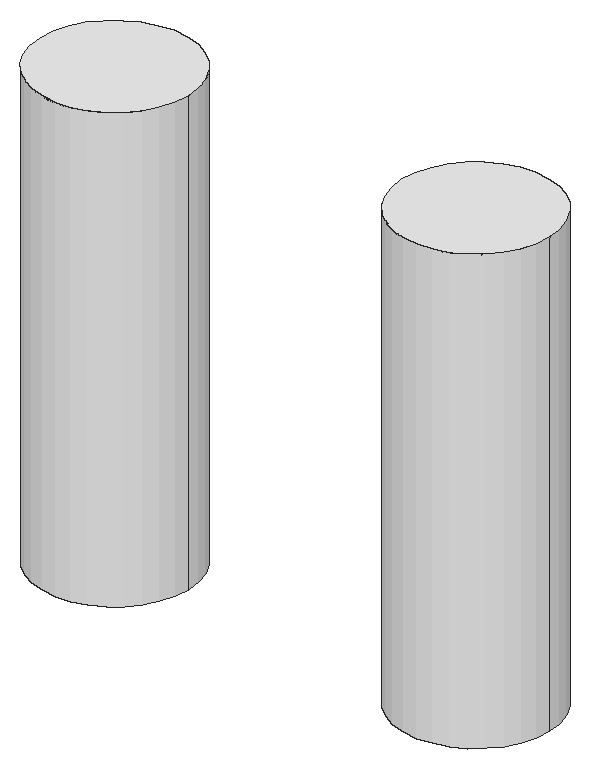
Revit family "05682129", category Plumbing Fixtures, Revit 2020
Family settings
  Round Connector Dimension = Use Diameter
  Part Type = Normal
  OmniClass Number = 23.45.55.00
  OmniClass Title = Sanitary Faucets, Wastes
  Work Plane-Based = No
  Always vertical = Yes
  Cut with Voids When Loaded = No
  Shared = No
  Room Calculation Point = No
Parameters (values of type "05682129 High washbasin faucet, 230/9 V, Bluetooth ")
  Working Pressure = "100 - 1000 kPa"
  WarrantyStartDate [instance] = "n/a"
  WarrantyGuarantorParts = "n/a"
  WarrantyGuarantorLabor = "n/a"
  WarrantyDurationUnit = "Year"
  WarrantyDurationParts = "n/a"
  WarrantyDurationLabor = "n/a"
  WarrantyDescription = "http://warranty.hansa.com"
  Warranty Information URL = "http://warranty.hansa.com"
  VersionDate = "01/06/2023"
  Version = "1"
  ValvePattern = "n/a"
  ValveOperation = "n/a"
  ValveMechanism = "n/a"
  Uniclass2015Reference = "Pr_40_20_87_96"
  Uniclass2015Description = "Washbasin manual water supply sets"
  Uniclass2 = "Pr_40_30_96_96"
  URL WEEE = "http://static.hansa.com/WEEE/05682129"
  URL REACH = "http://static.hansa.com/doc/reach"
  URL EcoLabel Declaration = "http://static.hansa.com/doc/EcoLabel"
  URL EU Packaging Declaration = "http://static.hansa.com/doc/packaging"
  URL Declaration of SCIP = "http://static.hansa.com/doc/SCIP"
  URL Declaration of Conformity = "http://static.hansa.com/DoC/05682129"
  URL Declaration of Asbestos = "http://static.hansa.com/doc/asbestos"
  URL Declaration Of Performance (DOP) = "http://static.hansa.com/doc/DoP"
  URL ABP = "http://static.hansa.com/ABP/05682129"
  URL = ""
  UNSPSC Class Number = "30181700 Faucets or taps"
  TestPressure = "n/a"
  Temperature Adjustments = "Adjustable hot water stop (included, retrofittable)"
  Temperature = "Temperature limiter (retrofittable)"
  Technical DataSheet URL = "http://www.hansa.com/datasheet/05682129/en"
  TagNumber [instance] = "n/a"
  SustainabilityPerformance = "n/a"
  Surface treatment = "Chrome"
  Spout Type = "Fixed spout;Casted construction"
  Spout Projection = "136 mm"
  Spare-Part Information URL = "http://static.hansa.com/sp/05682129"
  Size = "69x166.5x174 mm"
  Shape = "Sculptured"
  SerialNumber [instance] = "n/a"
  Sales Package dimensions (LxWxH) = "290 x 210 x 90"
  Revision = "n/a"
  ReplacementCost = "n/a"
  Protection Class = "IP 55 / transformer IP 20"
  ProductInformation = "n/a"
  Product URL = "http://static.hansa.com/05682129"
  Product Image URL = "http://static.hansa.com/image/05682129"
  Product Family = "HANSAMEDIPRO XL"
  Product Code = "05682129"
  OperatingMechanismMaterial = "n/a"
  Operating Voltage = 912 V
  Operating Distance = "20-130 mm (110/130/160 mm)"
  NominalWidth = 69 mm
  NominalHeight = 174 mm
  NominalDepth = 166.5 mm
  Noise Class = "I (ISO 3822)"
  Name_en = "05682129 High washbasin faucet, 230/9 V, Bluetooth"
  Name = "05682129 High washbasin faucet, 230/9 V, Bluetooth"
  NBSReference = "45-35-70/371"
  NBSDescription = "Water supply fittings for wash basins and troughs"
  Mounting Holes = "1 hole"
  ModelReference = "05682129"
  ModelNumber = "n/a"
  Model = "05682129 High washbasin faucet, 230/9 V, Bluetooth"
  Mobile Product Information URL = "http://mpi.hansa.com/05682129"
  Mechanical Parts = "Litter filter(s);Mixing valve for manual temperature control;Non-return valve(s)"
  Max. Hot Water Supply = 70 °C
  Max Flow Period = "2 min (1 - 1800 s)"
  Material = "Brass"
  Market = "Austria;Belgium;Czech Republic;Germany;Spain;France;International;Italy;Netherlands;Slovakia"
  ManufacturerURL = "http://www.hansa.com"
  ManufacturerName = "HANSA"
  Manufacturer = "HANSA"
  Lever Handle = "Temperature control handle"
  Interactive AR View URL = "https://static.hansa.com/AR/05682129"
  InstallationDate [instance] = "n/a"
  Installation and Maintenance Guide URL = "http://static.hansa.com/manual/05682129"
  Installation Type = "Deck mounted"
  InletConnectionSize = 10 mm
  IfcExportType = "FAUCET"  # constant formula
  IfcExportAs = "IfcValveType"  # constant formula
  Group = "Washbasin faucet"
  Grade = "n/a"
  FlowCoefficient = 0
  Flow Rate At 300kPa With Flow Controller = 0.1 L/s
  Flow Rate At 300kPa (with flow controller) = 0.1 L/s
  Flow Drawing URL = "http://static.hansa.com/flowchart/05682129"
  Finish = "Polished"
  Features = "Touchless;Plug transformer;Bluetooth®"
  FaucetMainMaterial = Brass
  FDV Document URL = "http://www.hansa.com/datasheet/05682129/en/fdv"
  ExpectedLife = "n/a"
  Excluded Items = "Without pop-up waste;Without draw-rod opening"
  Electronic Parts = "Autofocus infrared sensor;Solenoid valve;Power supply"
  Electrical Connection = "230 / 9 V"
  ETIM Class Number = "EC010340 Electronic tap"
  EN Standard = "EN 15091,\nETSI EN 301 489-1 V1.9.2 , \nETSI EN 300 328 v2.2.2 , \nEN 61000-6-1:2007 , \nEN 61000-6-3:2007+A1:2011+AC:2012 , \nEN 60335-1:2012+A11+A13+A1+A14+A2+A15:2021, Part 19.11.4"
  EMC Directive = "Radio Equipment Directive 2014/53/EU , \nLow Voltage Directive 2014/35/EU , \nEMC Directive 2014/30/EU , \nRoHS Directive 2011/65/EU"
  EAN Number = "4057304005015"
  DurationUnit = "Year"
  Dimension Drawing URL = "http://static.hansa.com/dimdrw/05682129"
  Description = ""
  DefaultElevation [instance] = 900 mm
  Default Elevation = 0 mm
  Constituents = "n/a"
  Connection Size = "G3/8"
  Connection = "Flexible inlet pipes;Special coating for hygienic premises"
  Color = "Chrome"
  CodePerformance = "n/a"
  CloseOffRating = 0
  Catalog Drawing URL = "http://static.hansa.com/catdrw/05682129"
  Brand = "HANSA"
  BodyMaterial = "Brass"
  Bluetooth = "4.x (D034445)"
  Barcode [instance] = "n/a"
  Backflow Prevention EN1717 = "AA"
  BIMObjectName = "05682129"
  Automatic Flush Period = "30 s (1-1800 s)"
  Automatic Flush Frequency = "off (off/1-120 h)"
  Author = "BIMStone"
  AssetType = "Fixed"
  AssetIdentifier [instance] = "n/a"
  Approval ABP = "P-IX 29469/IO"
  Afterflow Period = "3 s (1-20 s)"
  Aerator = "Laminar stream"
  Advanced Features = "Inner body made of DZR brass;Surfaces in contact with drinking water contain less than 0.3% lead;Waterways without nickel coating;;Software settings adjustable via App"
  AccessibilityPerformance = "n/a"
  3D View = "https://static.hansa.com/AR/05682129"
  2D/3D/BIM Files URL = "http://static.hansa.com/bim/05682129"
Reference planes
  plane 1 "Center (Front/Back)": y = 0
  plane 2: z = 0
  plane 3 "Center (Left/Right)": x = 0
  plane 4: x = -27.5
  plane 5: x = 27.5
  plane 6: y = -166.5
  plane 7: z = 1074
  plane 8: z = 900
  plane 9: x = 41.5
  plane 10: z = 870
Forms (mm)
  Extrusion 1, solid, material "Brass" <- "FaucetMainMaterial", detail levels medium
    sketch origin (0, 0, 0) x (0, 1, 0) y (0, 0, 1)
      loop
        line (0, 900) -> (-14.379, 1050.418) -> (-148.119, 1074) -> (-161.474, 1074) -> (-166.5, 1045.495) -> (-86.606, 1031.408)
        arc (-86.606, 1031.408) -> (-67.874, 1021.993) -> (-59.728, 1002.675) r 30.321
        line (-59.728, 1002.675) -> (-55, 900) -> (0, 900)
    from -27.5 to 27.5
  Extrusion 2, solid, material "Brass" <- "FaucetMainMaterial", detail levels medium
    sketch origin (0, 0, 0) x (1, 0, 0) y (0, 0, 1)
      loop
        line (27.5, 910.024) -> (41.5, 910.024) -> (41.5, 948.779) -> (27.5, 948.779) -> (27.5, 910.024)
    from 21.555 to 37.598
  Extrusion 3, solid, material "Brass" <- "FaucetMainMaterial", detail levels coarse
    sketch origin (0, 0, 0) x (1, 0, 0) y (0, 1, 0)
      loop
        line (-27.5, 0) -> (-27.5, -166.5) -> (41.5, -166.5) -> (41.5, 0) -> (-27.5, 0)
    from 900 to 1074
  Extrusion 4, solid, material "Brass" <- "FaucetMainMaterial"
    sketch origin (0, 0, 0) x (1, 0, 0) y (0, 1, 0)
      loop
        circle (-12.25, -27.445) r 5
      loop
        circle (12.25, -27.445) r 5
    from 870 to 900
Lines and regions (mm)
  symbolic lines, detail levels medium+fine
    curve 1: line (-15.5, -69.537, 0) -> (-15.5, -149.141, 0)
    curve 2: arc (-22.324, -45.737, 0) -> (-17.24, -57.157, 0) -> (-15.5, -69.537, 0) r 44.913
    curve 3: arc (-27.502, -27.489, 0) -> (-26.212, -36.982, 0) -> (-22.324, -45.737, 0) r 33.978
    curve 5: line (15.499, -71.499, 0) -> (15.499, -149.141, 0)
    curve 6: arc (22.753, -45.031, 0) -> (17.345, -57.777, 0) -> (15.499, -71.499, 0) r 51.914
    curve 8: spline (-15.5, -149.141, 0) -> (-15.464, -150.192, 0) -> (-15.356, -151.239, 0) -> (-15.177, -152.275, 0) -> (-14.927, -153.297, 0) -> (-14.608, -154.3, 0) -> (-14.221, -155.279, 0) -> (-13.767, -156.229, 0) -> (-13.25, -157.147, 0) -> (-12.671, -158.027, 0) -> (-12.033, -158.866, 0) -> (-11.34, -159.659, 0) -> (-10.593, -160.404, 0)
    curve 10: spline (10.592, -160.404, 0) -> (11.339, -159.659, 0) -> (12.032, -158.866, 0) -> (12.67, -158.027, 0) -> (13.249, -157.147, 0) -> (13.766, -156.23, 0) -> (14.219, -155.279, 0) -> (14.606, -154.3, 0) -> (14.926, -153.298, 0) -> (15.175, -152.275, 0) -> (15.355, -151.239, 0) -> (15.463, -150.192, 0) -> (15.499, -149.141, 0)
    curve 11: arc (-10.593, -160.404, 0) -> (0, -166.501, 0) -> (10.592, -160.404, 0) r 12.251
    curve 12: line (41.5, -34.339, 0) -> (41.5, -28.836, 0)
    curve 13: arc (26.89, -21.734, 0) -> (-2.895, -0.141, 0) -> (-27.502, -27.489, 0) r 27.501
    curve 14: line (0, 0, 900) -> (0, -55, 900)
    curve 15: line (0, -55, 900) -> (0, -56.156, 916.535)
    curve 16: line (0, -56.848, 926.423) -> (0, -57.158, 934.633)
    curve 17: arc (0, -59.718, 1002.424) -> (0, -67.789, 1021.901) -> (0, -86.606, 1031.408) r 30.321
    curve 18: line (0, -86.606, 1031.408) -> (0, -137.511, 1040.384)
    curve 19: line (0, -137.511, 1040.384) -> (0, -143.636, 1043.989)
    curve 20: arc (0, -164.599, 1056.328) -> (0, -160.424, 1068.954) -> (0, -148.119, 1074) r 15.911
    curve 21: line (0, -148.119, 1074) -> (0, -42.816, 1054.716)
    curve 22: arc (0, -42.816, 1054.716) -> (0, -35.062, 1052.703) -> (0, -27.682, 1049.584) r 54.98
    curve 23: arc (0, -27.682, 1049.584) -> (0, -17.813, 1041.367) -> (0, -12.418, 1029.713) r 29.231
    curve 24: line (0, -12.418, 1029.713) -> (0, -1.858, 926.431)
    curve 25: line (0, -1.858, 926.431) -> (0, 0, 900)
    curve 26: line (0, -145.977, 1040.013) -> (0, -166.5, 1051.862)
    curve 27: line (0, -166.5, 1051.862) -> (0, -164.059, 1056.01)
    curve 28: line (0, -145.977, 1040.013) -> (0, -143.636, 1043.989)
    curve 30: line (0, -164.059, 1056.01) -> (0, -164.599, 1056.328)
    curve 31: arc (0, -57.413, 941.388) -> (0, -58.589, 937.961) -> (0, -57.158, 934.633) r 5.032
    curve 32: arc (0, -56.638, 923.431) -> (0, -57.788, 919.886) -> (0, -56.156, 916.535) r 4.983
    curve 33: line (0, -56.638, 923.431) -> (0, -56.848, 926.423)
    curve 35: line (0, -57.413, 941.388) -> (0, -59.718, 1002.424)
    curve 37: line (40.622, -35.332, 0) -> (26.175, -37.105, 0)
    curve 38: arc (41.5, -28.836, 0) -> (41.367, -27.938, 0) -> (40.981, -27.117, 0) r 3.104
    curve 39: arc (40.981, -27.117, 0) -> (38.549, -24.68, 0) -> (35.368, -23.366, 0) r 8.772
    curve 40: line (35.368, -23.366, 0) -> (26.89, -21.734, 0)
    curve 41: arc (26.175, -37.105, 0) -> (24.717, -41.177, 0) -> (22.753, -45.031, 0) r 33.977
    curve 42: line (-27.5, 0, 900) -> (27.5, 0, 900)
    curve 43: line (-27.5, 0, 900) -> (-27.5, 0, 926.446)
    curve 44: line (-27.5, 0, 926.446) -> (-24.359, 0, 1016.391)
    curve 45: arc (-24.359, 0, 1016.391) -> (-21.799, 0, 1031.69) -> (-15.365, 0, 1045.804) r 59.407
    curve 46: line (-15.365, 0, 1045.804) -> (-15.365, 0, 1058.848)
    curve 47: line (27.5, 0, 900) -> (27.5, 0, 910.024)
    curve 48: line (27.5, 0, 926.446) -> (24.359, 0, 1016.391)
    curve 49: arc (24.359, 0, 1016.391) -> (21.799, 0, 1031.69) -> (15.365, 0, 1045.804) r 59.407
    curve 50: line (15.365, 0, 1045.804) -> (15.365, 0, 1058.848)
    curve 51: spline (-15.365, 0, 1058.848) -> (-14.842, 0, 1062.769) -> (-13.307, 0, 1066.424) -> (-10.865, 0, 1069.562) -> (-7.683, 0, 1071.97) -> (-3.977, 0, 1073.484) -> (0, 0, 1074) -> (3.977, 0, 1073.484) -> (7.683, 0, 1071.97) -> (10.865, 0, 1069.562) -> (13.307, 0, 1066.424) -> (14.842, 0, 1062.769) -> (15.365, 0, 1058.848)
    curve 54: line (27.5, 0, 925.002) -> (28.92, 0, 925.002)
    curve 55: line (28.92, 0, 925.002) -> (30.131, 0, 942.325)
    curve 56: line (40.891, 0, 942.325) -> (41.5, 0, 913.532)
    curve 57: arc (41.5, 0, 913.532) -> (40.545, 0, 911.082) -> (38.138, 0, 910.024) r 3.436
    curve 58: line (38.138, 0, 910.024) -> (27.5, 0, 910.024)
    curve 59: line (27.5, 0, 925.002) -> (27.5, 0, 926.446)
    curve 61: spline (30.131, 0, 942.325) -> (30.314, 0, 943.984) -> (30.852, 0, 945.53) -> (31.707, 0, 946.857) -> (32.821, 0, 947.875) -> (34.118, 0, 948.516) -> (35.511, 0, 948.734) -> (36.903, 0, 948.516) -> (38.201, 0, 947.875) -> (39.315, 0, 946.857) -> (40.17, 0, 945.53) -> (40.707, 0, 943.984) -> (40.891, 0, 942.325)
    curve 71: arc (41.5, -34.339, 0) -> (41.249, -35.002, 0) -> (40.622, -35.332, 0) r 1
  symbolic lines, detail levels fine
    curve 4: arc (27.5, -27.489, 0) -> (27.347, -24.595, 0) -> (26.89, -21.734, 0) r 27.502
    curve 7: arc (27.5, -27.489, 0) -> (27.182, -32.345, 0) -> (26.175, -37.105, 0) r 33.977
    curve 9: spline (-10.593, -160.404, 0) -> (-9.095, -161.635, 0) -> (-7.454, -162.669, 0) -> (-5.695, -163.491, 0) -> (-3.847, -164.087, 0) -> (-1.939, -164.448, 0) -> (0, -164.57, 0) -> (1.938, -164.448, 0) -> (3.846, -164.087, 0) -> (5.694, -163.491, 0) -> (7.453, -162.669, 0) -> (9.094, -161.635, 0) -> (10.592, -160.404, 0)
    curve 29: line (0, -143.636, 1043.989) -> (0, -164.059, 1056.01)
    curve 34: line (0, -56.156, 916.535) -> (0, -56.638, 923.431)
    curve 36: line (0, -57.158, 934.633) -> (0, -57.413, 941.388)
    curve 52: circle (0, 0, 937.975) r 3.491 normal (0, -1, 0)
    curve 53: circle (0, 0, 919.975) r 3.491 normal (0, -1, 0)
    curve 60: arc (27.5, 0, 925.002) -> (26.178, 0, 917.513) -> (27.5, 0, 910.024) r 21.866
    curve 62: spline (-15.365, 0, 1058.848) -> (-15.342, 0, 1058.007) -> (-15.271, 0, 1057.17) -> (-15.153, 0, 1056.337) -> (-14.989, 0, 1055.512) -> (-14.778, 0, 1054.698) -> (-14.522, 0, 1053.896) -> (-14.221, 0, 1053.11) -> (-13.876, 0, 1052.341) -> (-13.489, 0, 1051.592) -> (-13.06, 0, 1050.865) -> (-12.591, 0, 1050.163) -> (-12.084, 0, 1049.488)
    curve 63: spline (12.084, 0, 1049.488) -> (12.591, 0, 1050.163) -> (13.06, 0, 1050.865) -> (13.489, 0, 1051.592) -> (13.876, 0, 1052.341) -> (14.221, 0, 1053.11) -> (14.522, 0, 1053.896) -> (14.778, 0, 1054.698) -> (14.989, 0, 1055.512) -> (15.153, 0, 1056.337) -> (15.271, 0, 1057.17) -> (15.342, 0, 1058.007) -> (15.365, 0, 1058.848)
    curve 64: spline (-11.212, 0, 1052.032) -> (-10.105, 0, 1053.228) -> (-8.604, 0, 1054.277) -> (-6.766, 0, 1055.139) -> (-4.663, 0, 1055.78) -> (-2.378, 0, 1056.175) -> (0, 0, 1056.308) -> (2.378, 0, 1056.175) -> (4.663, 0, 1055.78) -> (6.766, 0, 1055.139) -> (8.604, 0, 1054.277) -> (10.105, 0, 1053.228) -> (11.212, 0, 1052.032)
    curve 65: line (-11.212, 0, 1047.289) -> (-11.212, 0, 1046.089)
    curve 66: line (11.212, 0, 1047.289) -> (11.212, 0, 1046.089)
    curve 67: spline (11.212, 0, 1052.032) -> (11.476, 0, 1051.624) -> (11.694, 0, 1051.207) -> (11.864, 0, 1050.784) -> (11.986, 0, 1050.355) -> (12.059, 0, 1049.922) -> (12.084, 0, 1049.488) -> (12.059, 0, 1049.054) -> (11.986, 0, 1048.622) -> (11.864, 0, 1048.193) -> (11.694, 0, 1047.769) -> (11.476, 0, 1047.352) -> (11.212, 0, 1046.944)
    curve 68: spline (11.212, 0, 1046.089) -> (10.83, 0, 1047.493) -> (9.71, 0, 1048.801) -> (7.928, 0, 1049.925) -> (5.606, 0, 1050.787) -> (2.902, 0, 1051.328) -> (0, 0, 1051.513) -> (-2.902, 0, 1051.328) -> (-5.606, 0, 1050.787) -> (-7.928, 0, 1049.925) -> (-9.71, 0, 1048.801) -> (-10.83, 0, 1047.493) -> (-11.212, 0, 1046.089) -> (-10.83, 0, 1044.686) -> (-9.71, 0, 1043.377) -> (-7.928, 0, 1042.254) -> (-5.606, 0, 1041.392) -> (-2.902, 0, 1040.85) -> (0, 0, 1040.665) -> (2.902, 0, 1040.85) -> (5.606, 0, 1041.392) -> (7.928, 0, 1042.254) -> (9.71, 0, 1043.377) -> (10.83, 0, 1044.686) -> (11.212, 0, 1046.089)
    curve 69: spline (11.212, 0, 1047.289) -> (10.83, 0, 1048.693) -> (9.71, 0, 1050.001) -> (7.928, 0, 1051.125) -> (5.606, 0, 1051.987) -> (2.902, 0, 1052.528) -> (0, 0, 1052.713) -> (-2.902, 0, 1052.528) -> (-5.606, 0, 1051.987) -> (-7.928, 0, 1051.125) -> (-9.71, 0, 1050.001) -> (-10.83, 0, 1048.693) -> (-11.212, 0, 1047.289)
    curve 70: spline (-11.212, 0, 1046.944) -> (-11.476, 0, 1047.352) -> (-11.694, 0, 1047.769) -> (-11.864, 0, 1048.193) -> (-11.986, 0, 1048.622) -> (-12.059, 0, 1049.054) -> (-12.084, 0, 1049.488) -> (-12.059, 0, 1049.922) -> (-11.986, 0, 1050.355) -> (-11.864, 0, 1050.784) -> (-11.694, 0, 1051.207) -> (-11.476, 0, 1051.624) -> (-11.212, 0, 1052.032)
Dimensions and locks
  equal spacing: plane 4, plane 3 "Center (Left/Right)", plane 5
  "NominalDepth": plane 6 to plane 1 "Center (Front/Back)"
  "NominalHeight": plane 7 to plane 8
  "DefaultElevation": plane 8 to level
  locked: plane 5 to plane 9 at 14
  "NominalWidth": plane 4 to plane 9
  locked: plane 8 to plane 10 at 30
  "InletConnectionSize": diameter of Extrusion 4 sketch curve  (x2)
  aligned and locked: level to plane 2
  aligned and locked: plane 7 to Extrusion 3
  aligned and locked: Extrusion 3 to plane 8
  aligned and locked: plane 8 to Extrusion 4
  aligned and locked: Extrusion 4 to plane 10
  aligned and locked: import instance to plane 8
Automatic sketch dimensions
  curve 26 to plane 6 = 0 mm
  curve 20 to plane 7 = 0 mm
  curve 15 to plane 8 = 0 mm
  curve 14 to plane 1 "Center (Front/Back)" = 0 mm
  plane 6 to curve 30 = 1.901 mm
  curve 20 to curve 30 = 0.54 mm
  curve 27 to curve 20 = 15.271 mm
  curve 20 to curve 21 = 0.668 mm
  curve 20 to curve 26 = 2.811 mm
  curve 26 to curve 28 = 2.34 mm
  curve 19 to curve 18 = 6.125 mm
  curve 18 to curve 17 = 47.494 mm
  curve 17 to curve 18 = 3.411 mm
  curve 17 to curve 35 = 30.299 mm
  plane 1 "Center (Front/Back)" to curve 33 = 56.848 mm
  curve 33 to curve 15 = 1.848 mm
  curve 33 to curve 31 = 3.287 mm
  curve 33 to curve 32 = 4.031 mm
  curve 17 to curve 22 = 6.999 mm
  curve 21 to plane 7 = 19.284 mm
  plane 1 "Center (Front/Back)" to curve 21 = 42.816 mm
  curve 22 to curve 23 = 11.726 mm
  plane 1 "Center (Front/Back)" to curve 24 = 12.418 mm
  plane 1 "Center (Front/Back)" to curve 24 = 1.858 mm
  plane 8 to curve 25 = 26.431 mm
  curve 33 to curve 31 = 11.728 mm
  curve 22 to curve 21 = 54.081 mm
  curve 22 to curve 17 = 0.645 mm
  curve 22 to curve 35 = 1.789 mm
  curve 22 to curve 23 = 22.924 mm
  curve 24 to curve 22 = 19.871 mm
  curve 26 to plane 7 = 33.987 mm
  curve 26 to curve 19 = 0.371 mm
  curve 31 to curve 31 = 3.852 mm
  curve 33 to curve 32 = 0.209 mm
  curve 32 to curve 32 = 3.34 mm
  curve 32 to curve 32 = 3.699 mm
  curve 32 to curve 16 = 2.992 mm
  plane 8 to curve 15 = 16.535 mm
  curve 31 to curve 35 = 3.237 mm
  plane 8 to curve 16 = 34.633 mm
  curve 42 to plane 4 = 0 mm
  curve 53 to plane 3 "Center (Left/Right)" = 0 mm
  curve 68 to plane 3 "Center (Left/Right)" = 0 mm
  curve 63 to plane 3 "Center (Left/Right)" = 0 mm
  curve 51 to plane 3 "Center (Left/Right)" = 0 mm
  curve 62 to plane 3 "Center (Left/Right)" = 0 mm
  curve 52 to plane 3 "Center (Left/Right)" = 0 mm
  curve 42 to plane 5 = 0 mm
  curve 54 to plane 5 = 0 mm
  curve 56 to plane 9 = 0 mm
  curve 42 to plane 8 = 0 mm
  curve 49 to plane 4 = 7.512 mm
  plane 4 to curve 44 = 3.141 mm
  plane 4 to curve 46 = 12.135 mm
  curve 66 to curve 50 = 4.154 mm
  curve 48 to plane 5 = 3.141 mm
  curve 60 to curve 55 = 1.42 mm
  plane 5 to curve 55 = 2.631 mm
  curve 45 to plane 9 = 6.488 mm
  curve 57 to plane 9 = 3.435 mm
  curve 58 to plane 9 = 3.362 mm
  curve 56 to plane 9 = 0.609 mm
  plane 9 to curve 60 = 6.544 mm
  plane 8 to curve 47 = 10.024 mm
  curve 57 to curve 57 = 3.435 mm
  curve 56 to curve 60 = 3.981 mm
  plane 8 to curve 53 = 19.975 mm
  curve 60 to curve 59 = 1.444 mm
  plane 8 to curve 43 = 26.446 mm
  curve 53 to curve 52 = 18 mm
  curve 48 to curve 56 = 15.879 mm
  curve 49 to plane 7 = 59.682 mm
  curve 45 to plane 7 = 59.682 mm
  curve 45 to curve 48 = 2.073 mm
  curve 49 to curve 44 = 2.073 mm
  curve 50 to curve 66 = 1.486 mm
  curve 69 to curve 46 = 11.558 mm
  curve 62 to curve 51 = 0 mm
  curve 63 to curve 62 = 0 mm
  curve 70 to curve 70 = 0.872 mm
  curve 64 to curve 69 = 0 mm
  curve 69 to curve 63 = 0.872 mm
  curve 65 to curve 69 = 1.2 mm
  curve 68 to curve 69 = 1.2 mm
  curve 66 to curve 68 = 0 mm
  curve 69 to curve 70 = 2.199 mm
  curve 70 to curve 70 = 2.544 mm
  curve 63 to curve 51 = 0 mm
  curve 62 to curve 63 = 0 mm
  curve 64 to curve 62 = 0 mm  (x2)
  curve 62 to curve 70 = 0 mm
  curve 69 to curve 63 = 2.199 mm
  curve 70 to plane 3 "Center (Left/Right)" = 0 mm
  curve 64 to plane 3 "Center (Left/Right)" = 0 mm
  curve 67 to plane 3 "Center (Left/Right)" = 0 mm
  curve 62 to curve 67 = 0 mm
  curve 67 to curve 69 = 0.345 mm
  Extrusion 1 sketch curve to plane 6 = 0 mm
  Extrusion 1 sketch curve to plane 7 = 0 mm
  Extrusion 1 sketch curve to plane 8 = 0 mm
  Extrusion 1 sketch curve to plane 1 "Center (Front/Back)" = 0 mm
  plane 6 to Extrusion 1 sketch curve = 5.026 mm
  Extrusion 1 sketch curve to Extrusion 1 sketch curve = 13.354 mm
  plane 6 to Extrusion 1 sketch curve = 76.483 mm
  Extrusion 1 sketch curve to Extrusion 1 sketch curve = 3.411 mm
  Extrusion 1 sketch curve to Extrusion 1 sketch curve = 30.289 mm
  plane 1 "Center (Front/Back)" to Extrusion 1 sketch curve = 55 mm
  Extrusion 1 sketch curve to plane 7 = 72.72 mm
  Extrusion 1 sketch curve to Extrusion 1 sketch curve = 1.395 mm
  plane 1 "Center (Front/Back)" to Extrusion 1 sketch curve = 14.379 mm
  Extrusion 1 sketch curve to plane 7 = 23.582 mm
  Extrusion 2 sketch curve to plane 5 = 0 mm
  Extrusion 2 sketch curve to plane 9 = 0 mm
  plane 8 to Extrusion 2 sketch curve = 10.024 mm
  Extrusion 2 sketch curve to Extrusion 2 sketch curve = 38.755 mm
  Extrusion 3 sketch curve to plane 4 = 0 mm
  Extrusion 3 sketch curve to plane 6 = 0 mm
  Extrusion 3 sketch curve to plane 9 = 0 mm
  plane 1 "Center (Front/Back)" to Extrusion 3 sketch curve = 0 mm
  curve 7 to curve 41 = 0 mm  (x2)
  curve 8 to plane 3 "Center (Left/Right)" = 0 mm
  curve 12 to plane 9 = 0 mm
  curve 11 to plane 3 "Center (Left/Right)" = 0 mm
  curve 13 to plane 3 "Center (Left/Right)" = 0.001 mm
  curve 4 to curve 13 = 0.001 mm  (x2)
  curve 41 to plane 3 "Center (Left/Right)" = 6.476 mm
  plane 4 to curve 1 = 12 mm
  curve 2 to plane 4 = 32.913 mm
  plane 3 "Center (Left/Right)" to curve 3 = 6.475 mm
  curve 5 to plane 5 = 12.001 mm
  curve 37 to plane 5 = 1.325 mm
  curve 40 to plane 5 = 0.61 mm
  plane 5 to curve 39 = 6.176 mm
  curve 40 to plane 9 = 6.132 mm
  curve 38 to plane 9 = 3.104 mm
  curve 37 to plane 9 = 0.878 mm
  plane 9 to curve 6 = 25.912 mm
  plane 6 to curve 11 = 12.25 mm
  curve 11 to curve 5 = 5.109 mm
  curve 10 to curve 1 = 0 mm
  plane 1 "Center (Front/Back)" to curve 5 = 71.499 mm
  curve 5 to curve 1 = 1.962 mm
  curve 6 to curve 37 = 34.394 mm
  curve 37 to curve 37 = 1.773 mm
  curve 71 to curve 39 = 2.365 mm
  curve 71 to curve 12 = 5.503 mm
  plane 1 "Center (Front/Back)" to curve 41 = 27.708 mm
  curve 7 to curve 3 = 0.001 mm
  curve 7 to curve 4 = 0.218 mm
  curve 38 to curve 40 = 5.469 mm
  curve 9 to plane 3 "Center (Left/Right)" = 0 mm
  curve 10 to curve 9 = 0 mm
  plane 6 to curve 9 = 6.096 mm
  curve 9 to plane 3 "Center (Left/Right)" = 10.593 mm
  curve 9 to curve 1 = 0 mm
  curve 1 to curve 9 = 0 mm
  curve 37 to curve 71 = 0.993 mm
  Extrusion 4 sketch curve to plane 3 "Center (Left/Right)" = 12.25 mm
  plane 3 "Center (Left/Right)" to Extrusion 4 sketch curve = 12.25 mm
  plane 1 "Center (Front/Back)" to Extrusion 4 sketch curve = 27.445 mm
  Extrusion 4 sketch curve to Extrusion 4 sketch curve = 0 mm
  radius of curve 52 = 3.491 mm
  radius of curve 53 = 3.491 mm
Nested families
  nested 1: "Symbol" at (0, 0, 0), type "Symbol", detail levels coarse
Connectors
  piping at (-12.25, -27.445, 870), diameter 10, driven by "InletConnectionSize"
    settings: on Extrusion 4, index 1, connector inside diameter 609.6 mm, connector length 0 mm, flow factor 0, pipe flow 0.1 L/s, pressure drop 0.0 Pa, fitting loss kfactor 0, connector angle 0.00°, fixture units 0, engagement length 0 mm, angle of deflection 0.00°, flow configuration 1, flow direction 1, fitting loss method 0, system type 19, joint type 0, gender type 0, connector reference index -1, connector utility 0, adjustable connector no, is connector primary yes, connector description ""
  piping at (-12.25, -27.445, 870), diameter 10, driven by "InletConnectionSize", driven by "Flow Rate At 300kPa (with flow controller)"
    settings: on Extrusion 4, index 2, connector inside diameter 609.6 mm, connector length 0 mm, flow factor 0, pipe flow 0.1 L/s, pressure drop 0.0 Pa, fitting loss kfactor 0, connector angle 0.00°, fixture units 0, engagement length 0 mm, angle of deflection 0.00°, flow configuration 1, flow direction 1, fitting loss method 0, system type 19, joint type 0, gender type 0, connector reference index -1, connector utility 0, adjustable connector no, is connector primary no, connector description ""
  piping at (12.25, -27.445, 870), diameter 10, driven by "InletConnectionSize", driven by "Flow Rate At 300kPa (with flow controller)"
    settings: on Extrusion 4, index 3, connector inside diameter 609.6 mm, connector length 0 mm, flow factor 0, pipe flow 0.1 L/s, pressure drop 0.0 Pa, fitting loss kfactor 0, connector angle 0.00°, fixture units 0, engagement length 0 mm, angle of deflection 0.00°, flow configuration 1, flow direction 1, fitting loss method 0, system type 20, joint type 0, gender type 0, connector reference index -1, connector utility 0, adjustable connector no, is connector primary no, connector description ""
Definition of nested family "Symbol"
  Reference planes
    plane 1: y = 0
    plane 2: x = 0
  Lines and regions (mm)
    detail lines
      curve 1: line (0, 0, 0) -> (0, -1.8, 0)
      curve 2: line (-0.4, -1.1, 0) -> (0.4, -1.1, 0)
      curve 3: line (-0.4, -1.4, 0) -> (0.4, -1.4, 0)
      curve 4: line (0.863, 0, 0) -> (-0.863, 0, 0)
      curve 5: circle (-1.163, 0, 0) r 0.3 normal (0, 0, -1)
      curve 6: circle (1.163, 0, 0) r 0.3 normal (0, 0, 1)
